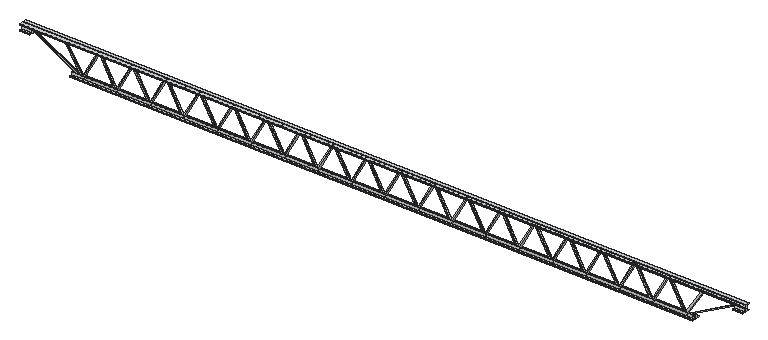
Revit family "M_Caibro de barra série K-Teia angular", category Quadro estrutural, Revit 2019
Family settings
  Arredondamento do comprimento do framing estrutural = 1 mm
  Forma do corte = Não definido
  Material para o comportamento do modelo = Aço
  Exportar sempre como geometria = Sim
  Número OmniClass = 23.25.30.21.14.11
  Título OmniClass = Metal Joists
  ID de item do Seek = K-Series Bar Joist-Angle Web-0000-CAN-ENU
  Sempre na vertical = Sim
  Corte com vazios quando carregada = Não
  Representação simbólica = Da família
  Compartilhado = Não
  Exibir o pré-corte da família na vista da planta = Sim
Parameters (values of type "12K1")
  Material estrutural = none
  Deslocamento inicial [instance] = 0 mm
  M = 7.4
  Espessura da teia = 9.5 mm
  Comprimento do assento = 100 mm
  Profundidade do assento = 63.5 mm
  LarguraPainel [instance] = Linear * 1.155  # 352.275 mm
  NumMatrizPainel [instance] = ComprimentoMatrizPainel / LarguraPainel  # 18
  ComprimentoMatrizPainel [instance] = Length - (2 * Painel final)  # 6180 mm
  Painel [instance] = ComprimentoMatrizPainel / NumMatrizPainel  # 343.333 mm
  Extensão inicial [instance] = 0 mm
  Painel final = 2 * Linear  # 610 mm
  Deslocamento final [instance] = 0 mm
  Extensão final [instance] = 0 mm
  Perna da corda = 32 mm
  Espessura da corda = 6.5 mm
  Assembly Code = ""
  Length [instance] = 7400 mm
  Linear = 305 mm
Types (3, lengths in mm): name | M | LarguraPainel | NumMatrizPainel | ComprimentoMatrizPainel | Painel | Painel final | Linear
  (no name) | 7.4 | 352.275 | 18 | 6180 | 343.333 | 610 | 305
  12K1 | 7.4 | 352.275 | 18 | 6180 | 343.333 | 610 | 305
  8K1 | 7.6 | 234.465 | 28 | 6588 | 235.286 | 406 | 203
Reference planes
  plane 1 "Centro (Frente/Trás)": y = 0
  plane 2: z = 0
  plane 3 "Centro (Esquerda/Direita)": x = 4.61
  plane 4 "Membro esquerdo": x = -2027.39
  plane 5 "Membro direito": x = 2036.61
  plane 6: y = 36.75
  plane 7: y = -36.75
  plane 8: z = 152.5
  plane 9: z = -152.5
  plane 10 "Esquerda": x = -3695.39
  plane 11 "Símbolo esquerdo de verga": x = -4537.39
  plane 12 "Símbolo direito de verga": x = 4551.365
  plane 13 "Direita": x = 3704.61
  plane 14: z = 89
  plane 15: x = -3695.39
  plane 16: x = -3595.39
  plane 17: x = -3085.39
  plane 18: x = -3185.39
  plane 19: x = 3704.61
  plane 20: x = 3604.61
  plane 21: x = 3094.61
  plane 22: y = 4.75
  plane 23: y = -4.75
  plane 24: z = 120.5
  plane 25: z = -120.5
  plane 26: x = 3194.61
  plane 27: x = -3257.057
  plane 28: x = -2913.723
  plane 29: x = 2922.943
  plane 30: x = 3266.277
  plane 31: z = -146.15
  plane 32: z = 146.15
  plane 33: z = 82.55
  plane 34: x = -3695.39
  plane 35: x = 3704.61
  plane 36 "Esquerda do símbolo": x = -4537.39
  plane 37: x = -4537.39
  plane 38: x = 4551.365
  plane 39 "Direita do símbolo": x = 4551.365
Forms (mm)
  Extrusion 1, solid, material <- "Material estrutural", detail levels medium+fine
    sketch origin (4.61, 0, 0) x (0, 1, 0) y (0, 0, 1)
      loop
        line (36.75, 152.5) -> (4.75, 152.5) -> (4.75, 120.5) -> (11.25, 120.5) -> (11.25, 146) -> (36.75, 146) -> (36.75, 152.5)
      loop
        line (-36.75, 152.5) -> (-36.75, 146) -> (-11.25, 146) -> (-11.25, 120.5) -> (-4.75, 120.5) -> (-4.75, 152.5) -> (-36.75, 152.5)
    from -3700 to 3700
  Extrusion 2, solid, material <- "Material estrutural", detail levels medium+fine
    sketch origin (4.61, 0, 0) x (0, 1, 0) y (0, 0, 1)
      loop
        line (4.75, -120.5) -> (4.75, -152.5) -> (36.75, -152.5) -> (36.75, -146) -> (11.25, -146) -> (11.25, -120.5) -> (4.75, -120.5)
      loop
        line (-4.75, -120.5) -> (-11.25, -120.5) -> (-11.25, -146) -> (-36.75, -146) -> (-36.75, -152.5) -> (-4.75, -152.5) -> (-4.75, -120.5)
    from -3190 to 3190
  Extrusion 3, solid, material <- "Material estrutural", detail levels medium+fine
    sketch origin (4.61, 0, 0) x (0, 1, 0) y (0, 0, 1)
      loop
        line (36.75, 89) -> (36.75, 95.5) -> (11.25, 95.5) -> (11.25, 120.5) -> (4.75, 120.5) -> (4.75, 89) -> (36.75, 89)
      loop
        line (-36.75, 89) -> (-4.75, 89) -> (-4.75, 120.5) -> (-11.25, 120.5) -> (-11.25, 95.5) -> (-36.75, 95.5) -> (-36.75, 89)
    from 3600 to 3700
  Extrusion 4, solid, material <- "Material estrutural", detail levels medium+fine
    sketch origin (4.61, 0, 0) x (0, 1, 0) y (0, 0, 1)
      loop
        line (-36.75, 89) -> (-4.75, 89) -> (-4.75, 120.5) -> (-11.25, 120.5) -> (-11.25, 95.5) -> (-36.75, 95.5) -> (-36.75, 89)
      loop
        line (4.75, 89) -> (36.75, 89) -> (36.75, 95.5) -> (11.25, 95.5) -> (11.25, 120.5) -> (4.75, 120.5) -> (4.75, 89)
    from -3700 to -3600
  Sweep 5, solid, material <- "Material estrutural", detail levels fine
    path origin (0, 0, 0) x (1, 0, 0) y (0, 0, 1)
      loop
        line (-3277.014, 133.45) -> (-3264.314, 133.45) -> (-3085.39, -146.15)
    profile origin (-3270.664, 0, 133.45) x (0, 0, 1) y (0, -1, 0)
      loop
        line (10.007, -4.763) -> (10.007, 0) -> (-9.043, 0) -> (-9.043, -4.763) -> (10.007, -4.763)
  Sweep 6, solid, material <- "Material estrutural", detail levels fine
    path origin (0, 0, 0) x (1, 0, 0) y (0, 0, 1)
      loop
        line (-3085.39, -146.15) -> (-3595.39, 120.5) -> (-3695.39, 120.5)
    profile "Teia-Perfil1 : Teia-Perfil1" origin (-3645.39, 0, 120.5) x (0, 0, -1) y (0, -1, 0)
      loop
        line (-4.75, 4.75) -> (-4.75, -4.75) -> (4.75, -4.75) -> (4.75, 4.75) -> (-4.75, 4.75)
  Sweep 7, solid, material <- "Material estrutural", detail levels fine
    path origin (0, 0, 0) x (1, 0, 0) y (0, 0, 1)
      loop
        line (3604.61, 120.5) -> (3094.61, -146.15)
    profile "Teia-Perfil1 : Teia-Perfil1" origin (3349.61, 0, -12.825) x (0.463335, 0, -0.886183) y (0, -1, 0)
      loop
        line (-4.75, 4.75) -> (-4.75, -4.75) -> (4.75, -4.75) -> (4.75, 4.75) -> (-4.75, 4.75)
  Sweep 8, solid, material <- "Material estrutural", detail levels fine
    path origin (0, 0, 0) x (1, 0, 0) y (0, 0, 1)
      loop
        line (3266.277, 120.5) -> (3094.61, -146.15)
    profile origin (3180.443, 0, -12.825) x (0.840821, 0, -0.541313) y (0, -1, 0)
      loop
        line (-10.565, 0) -> (-10.565, -4.763) -> (8.485, -4.763) -> (8.485, 0) -> (-10.565, 0)
Lines and regions (mm)
  symbolic lines, style "StructuralFraming", detail levels coarse
    curve 1: line (0, 36.75, 152.5) -> (0, 4.75, 152.5)
    curve 2: line (0, -36.75, -152.5) -> (0, -4.75, -152.5)
    curve 14: line (0, 4.75, -152.5) -> (0, 36.75, -152.5)
    curve 15: line (4.61, 4.75, -152.5) -> (4.61, 4.75, -120.5)
    curve 16: line (4.61, -4.75, -152.5) -> (4.61, -4.75, -120.5)
    curve 17: line (4.61, -4.75, 152.5) -> (4.61, -4.75, 120.5)
    curve 18: line (4.61, 4.75, 152.5) -> (4.61, 4.75, 120.5)
    curve 19: line (0, -4.75, 152.5) -> (0, -36.75, 152.5)
  symbolic lines, style "StructuralFraming", detail levels coarse+medium
    curve 3: line (0, 0, -152.5) -> (0, 0, 152.5)
  reference lines
    curve 4: line (-4437.39, 0, -276.008) -> (-4437.39, 0, 232.192)
    curve 5: line (-3827.39, 0, -282.358) -> (-3827.39, 0, 232.192)
    curve 7: line (4451.365, 0, -223.088) -> (4451.365, 0, 234.312)
    curve 8: line (3841.365, 0, -350.088) -> (3841.365, 0, 234.312)
  model lines, style "Caibro da teia", detail levels coarse
    curve 6: line (-4437.39, 0, 152.5) -> (-3827.39, 0, -152.5)
    curve 9: line (4451.365, 0, 152.5) -> (3841.365, 0, -152.5)
    curve 10: line (3841.365, 0, -152.5) -> (-3827.39, 0, -152.5)
    curve 11: line (4551.365, 0, 152.5) -> (-4537.39, 0, 152.5)
  model lines, style "StructuralFraming", detail levels medium
    curve 12: line (-3085.39, 0, -146.15) -> (-3256.027, 0, 120.5)
    curve 13: line (3266.277, 0, 120.5) -> (3094.61, 0, -146.15)
  symbolic lines, detail levels fine
    curve 20: line (4.61, 4.75, 146.15) -> (4.61, -4.75, 146.15)
    curve 21: line (4.61, 4.75, -146.15) -> (4.61, -4.75, -146.15)
    curve 22: line (4.61, 4.75, -120.5) -> (4.61, 4.75, 120.5)
    curve 23: line (4.61, -4.75, -120.5) -> (4.61, -4.75, 120.5)
  model lines, detail levels medium
    curve 24: line (3604.61, 0, 120.5) -> (3094.61, 0, -146.15)
    curve 25: line (-3595.39, 0, 120.5) -> (-3085.39, 0, -146.15)
Dimensions and locks
  equal spacing: plane 9, plane 2, plane 8
  "Length": plane 10 "Esquerda" to plane 13 "Direita"
  equal spacing: plane 10 "Esquerda", plane 3 "Centro (Esquerda/Direita)", plane 13 "Direita"
  "Painel final": curve 5 to curve 4
  "Painel final": curve 7 to curve 8
  "Linear": plane 9 to plane 8
  "Profundidade do assento": plane 8 to plane 14
  locked: plane 18 to plane 17 at 100
  "Painel final": plane 10 "Esquerda" to plane 17
  "Painel final": plane 13 "Direita" to plane 21
  "Espessura da teia": plane 22 to plane 23
  equal spacing: plane 22, plane 1 "Centro (Frente/Trás)", plane 23
  "Perna da corda": plane 23 to plane 7
  "Perna da corda": plane 6 to plane 22
  "Perna da corda": plane 9 to plane 25
  "Perna da corda": plane 24 to plane 8
  "Espessura da corda": plane 8 to Extrusion 1 sketch curve
  "Espessura da corda": Extrusion 1 sketch curve to plane 8
  "Espessura da corda": plane 23 to Extrusion 1 sketch curve
  "Espessura da corda": Extrusion 1 sketch curve to plane 22
  "Espessura da corda": plane 9 to Extrusion 2 sketch curve  (x2)
  "Espessura da corda": Extrusion 2 sketch curve to plane 22
  "Espessura da corda": plane 23 to Extrusion 2 sketch curve
  locked: plane 21 to plane 26 at 100
  "Espessura da corda": plane 14 to Extrusion 3 sketch curve  (x2)
  "Espessura da corda": plane 23 to Extrusion 3 sketch curve
  "Espessura da corda": Extrusion 3 sketch curve to plane 22
  "Espessura da corda": plane 14 to Extrusion 4 sketch curve  (x2)
  "Espessura da corda": Extrusion 4 sketch curve to plane 22
  "Espessura da corda": plane 23 to Extrusion 4 sketch curve
  "Painel": plane 28 to plane 27
  equal spacing: plane 28, plane 17, plane 27
  "Painel": plane 29 to plane 30
  equal spacing: plane 29, plane 21, plane 30
  equal spacing: Sweep 5 sketch curve, curve 4, Sweep 5 sketch curve
  Sweep 5 sketch curve to Sweep 5 sketch curve = 4.763 mm
  locked: plane 31 to plane 9 at 6.35
  locked: plane 8 to plane 32 at 6.35
  locked: plane 8 to Sweep 5 sketch curve at 19.05
  equal spacing: group 1, group 3, group 4, group 5, group 6, group 7, group 8, group 9, group 10, group 11, group 12, group 13, group 14, group 15, group 16, group 17, group 18, group 2  (x3)
  "Comprimento do assento": plane 34 to plane 16
  "Deslocamento inicial": plane 10 "Esquerda" to plane 34
  "Extensão inicial": plane 15 to plane 34
  "Deslocamento final": plane 35 to plane 13 "Direita"
  "Comprimento do assento": plane 35 to plane 20
  "Extensão final": plane 35 to plane 19
  "Comprimento do assento": curve 4 to plane 37
  "Deslocamento inicial": plane 37 to plane 11 "Símbolo esquerdo de verga"
  "Extensão inicial": plane 37 to plane 36 "Esquerda do símbolo"
  "Comprimento do assento": plane 38 to curve 7
  "Extensão final": plane 39 "Direita do símbolo" to plane 38
  "Deslocamento final": plane 12 "Símbolo direito de verga" to plane 38
  aligned and locked: curve 10 to plane 9
  aligned and locked: curve 4 to curve 6
  aligned and locked: curve 8 to curve 10
  aligned and locked: plane 8 to Extrusion 1 sketch curve
  aligned and locked: Extrusion 1 sketch curve to plane 8
  aligned and locked: plane 6 to Extrusion 1 sketch curve
  aligned and locked: plane 7 to Extrusion 1 sketch curve
  aligned and locked: Extrusion 1 sketch curve to plane 24
  aligned and locked: plane 24 to Extrusion 1 sketch curve
  aligned and locked: plane 19 to Extrusion 1
  aligned and locked: plane 15 to Extrusion 1
  aligned and locked: plane 9 to Extrusion 2 sketch curve
  aligned and locked: Extrusion 2 sketch curve to plane 9
  aligned and locked: plane 6 to Extrusion 2 sketch curve
  aligned and locked: plane 7 to Extrusion 2 sketch curve
  aligned and locked: Extrusion 2 sketch curve to plane 22
  aligned and locked: Extrusion 2 sketch curve to plane 23
  aligned and locked: Extrusion 2 sketch curve to plane 25
  aligned and locked: plane 25 to Extrusion 2 sketch curve
  aligned and locked: Extrusion 2 to plane 26
  aligned and locked: plane 18 to Extrusion 2
  aligned and locked: Extrusion 3 sketch curve to plane 7
  aligned and locked: plane 14 to Extrusion 3 sketch curve
  aligned and locked: Extrusion 3 sketch curve to plane 14
  aligned and locked: Extrusion 3 sketch curve to plane 6
  aligned and locked: Extrusion 3 sketch curve to plane 23
  aligned and locked: Extrusion 3 sketch curve to plane 22
  aligned and locked: Extrusion 3 sketch curve to plane 24
  aligned and locked: plane 24 to Extrusion 3 sketch curve
  aligned and locked: plane 19 to Extrusion 3
  aligned and locked: Extrusion 3 to plane 20
  aligned and locked: plane 6 to Extrusion 4 sketch curve
  aligned and locked: Extrusion 4 sketch curve to plane 7
  aligned and locked: Extrusion 4 sketch curve to plane 22
  aligned and locked: plane 23 to Extrusion 4 sketch curve
  aligned and locked: plane 24 to Extrusion 4 sketch curve  (x2)
  aligned and locked: Extrusion 4 sketch curve to plane 14  (x2)
  aligned and locked: plane 15 to Extrusion 4
  aligned and locked: plane 16 to Extrusion 4
  aligned and locked: curve 12 to Sweep 5 sketch curve
  aligned and locked: Extrusion 2 to curve 15
  aligned and locked: curve 15 to Extrusion 2
  aligned and locked: curve 2 to curve 16
  aligned and locked: curve 16 to Extrusion 2
  aligned and locked: Extrusion 1 to curve 17
  aligned and locked: curve 17 to Extrusion 1
  aligned and locked: curve 18 to Extrusion 1  (x2)
  aligned and locked: curve 1 to Extrusion 1
  aligned and locked: nested 1 to plane 17
  aligned and locked: plane 1 "Centro (Frente/Trás)" to nested 1
  aligned and locked: nested 2 to plane 21
  aligned and locked: curve 13 to Sweep 8 sketch curve
  aligned and locked: curve 5 to curve 6
  aligned and locked: curve 7 to curve 9
  aligned and locked: plane 20 to curve 24
  aligned and locked: plane 24 to curve 24
  aligned and locked: plane 21 to curve 24
  aligned and locked: plane 31 to curve 24
  aligned and locked: Sweep 7 sketch curve to curve 24
  aligned and locked: plane 30 to curve 13
  aligned and locked: plane 16 to curve 25
  aligned and locked: plane 24 to curve 25
  aligned and locked: plane 17 to curve 25
  aligned and locked: plane 31 to curve 25
  aligned and locked: Sweep 6 sketch curve to curve 25
  aligned and locked: Sweep 6 sketch curve to plane 24
  aligned and locked: plane 36 "Esquerda do símbolo" to curve 11
  aligned and locked: plane 39 "Direita do símbolo" to curve 11
Automatic sketch dimensions
  plane 9 to curve 7 = 70.588 mm
  plane 9 to curve 4 = 123.508 mm
  plane 9 to curve 5 = 129.858 mm
  plane 9 to curve 8 = 197.588 mm
  curve 4 to plane 8 = 79.692 mm
  curve 5 to plane 8 = 79.692 mm
  curve 7 to plane 8 = 81.812 mm
  curve 8 to plane 8 = 81.812 mm
  Extrusion 1 sketch curve to plane 23 = 0 mm
  Extrusion 1 sketch curve to plane 22 = 0 mm
  Sweep 5 sketch curve to plane 17 = 0 mm
  Sweep 5 sketch curve to plane 31 = 0 mm
  Sweep 5 sketch curve to plane 27 = 7.257 mm
  Sweep 5 sketch curve to Sweep 5 sketch curve = 12.7 mm
  curve 14 to plane 6 = 0 mm
  curve 1 to plane 6 = 0 mm
  curve 14 to plane 9 = 0 mm
  curve 14 to plane 22 = 0 mm
  curve 1 to plane 22 = 0 mm
  curve 19 to plane 8 = 0 mm
  curve 19 to plane 23 = 0 mm
  curve 19 to plane 7 = 0 mm
  Sweep 5 sketch curve to plane 1 "Centro (Frente/Trás)" = 0 mm
  profile plane to Sweep 5 sketch curve = 9.043 mm
  Sweep 5 sketch curve to profile plane = 10.007 mm
  Sweep 8 sketch curve to plane 21 = 0 mm
  Sweep 8 sketch curve to plane 24 = 0 mm
  Sweep 8 sketch curve to plane 1 "Centro (Frente/Trás)" = 0 mm
  Sweep 8 sketch curve to plane 1 "Centro (Frente/Trás)" = 4.762 mm
  profile plane to Sweep 8 sketch curve = 10.565 mm
  Sweep 8 sketch curve to profile plane = 8.485 mm
  curve 2 to plane 7 = 0 mm
  curve 2 to plane 9 = 0 mm
  curve 2 to plane 23 = 0 mm
  curve 3 to plane 1 "Centro (Frente/Trás)" = 0 mm
  curve 3 to plane 9 = 0 mm
  curve 21 to plane 31 = 0 mm
  curve 23 to plane 25 = 0 mm
  curve 22 to plane 25 = 0 mm
  curve 18 to plane 24 = 0 mm
  curve 23 to plane 24 = 0 mm
  curve 20 to plane 32 = 0 mm
  curve 3 to plane 8 = 0 mm
  Sweep 7 sketch curve to plane 21 = 0 mm
  Sweep 7 sketch curve to plane 20 = 0 mm
  Sweep 6 sketch curve to plane 34 = 0 mm
  Sweep 6 sketch curve to plane 17 = 0 mm
  curve 12 to plane 24 = 0 mm
  curve 13 to plane 24 = 0 mm
  curve 9 to plane 8 = 0 mm
Nested families
  nested 1: "Teia angular" at (-3085.39, 0, 0), type "Teia angular"
  nested 2: "Teia angular" at (2751.277, 0, 0), type "Teia angular"
  nested 3: "Teia angular" at (-2742.057, 0, 0), type "Teia angular"
  nested 4: "Teia angular" at (-2398.723, 0, 0), type "Teia angular"
  nested 5: "Teia angular" at (-2055.39, 0, 0), type "Teia angular"
  nested 6: "Teia angular" at (-1712.057, 0, 0), type "Teia angular"
  nested 7: "Teia angular" at (-1368.723, 0, 0), type "Teia angular"
  nested 8: "Teia angular" at (-1025.39, 0, 0), type "Teia angular"
  nested 9: "Teia angular" at (-682.057, 0, 0), type "Teia angular"
  nested 10: "Teia angular" at (-338.723, 0, 0), type "Teia angular"
  nested 11: "Teia angular" at (4.61, 0, 0), type "Teia angular"
  nested 12: "Teia angular" at (347.943, 0, 0), type "Teia angular"
  nested 13: "Teia angular" at (691.277, 0, 0), type "Teia angular"
  nested 14: "Teia angular" at (1034.61, 0, 0), type "Teia angular"
  nested 15: "Teia angular" at (1377.943, 0, 0), type "Teia angular"
  nested 16: "Teia angular" at (1721.277, 0, 0), type "Teia angular"
  nested 17: "Teia angular" at (2064.61, 0, 0), type "Teia angular"
  nested 18: "Teia angular" at (2407.943, 0, 0), type "Teia angular"
Definition of nested family "Teia angular"
  Parameters
    MaterialTeia = none
    Espessura da teia = 9.5 mm
    AlturaPainel = 305 mm
    LarguraPainel = 343.333 mm
    Assembly Code = ""
  Reference planes
    plane 1 "Centro (Frente/Trás)": y = 0
    plane 2: z = 0
    plane 3 "Centro (Esquerda/Direita)": x = 0
    plane 4: x = 343.333
    plane 5: x = 171.667
    plane 6: z = -152.5
    plane 7: z = -139.8
    plane 8: z = 139.8
    plane 9: z = 152.5
    plane 10: y = -4.75
    plane 11: y = 4.75
    plane 12: z = 114.4
    plane 13: z = -114.4
  Forms (mm)
    Sweep 1, solid, material <- "MaterialTeia", detail levels fine
      path in 3D
        loop
          line (0, 0, -139.8) -> (6.35, 0, -139.8) -> (165.317, 0, 139.8) -> (178.017, 0, 139.8)
      profile origin (3.175, 0, -139.8) x (0, 0, 1) y (0, -1, 0)
        loop
          line (9.525, 4.75) -> (-9.525, 4.75) -> (-9.525, 0) -> (9.525, 0) -> (9.525, 4.75)
    Sweep 2, solid, material <- "MaterialTeia", detail levels fine
      path origin (0, 0, 0) x (1, 0, 0) y (0, 0, 1)
        loop
          line (31.748, -114.4) -> (161.832, 114.4)
      profile origin (96.79, 0, 0) x (-0.869319, 0, 0.494252) y (0, -1, 0)
        loop
          line (0, 4.763) -> (4.762, 4.763) -> (4.763, 17.463) -> (0, 17.463) -> (0, 4.763)
    Sweep 3, solid, material <- "MaterialTeia", detail levels fine
      path in 3D
        loop
          line (343.333, 0, -139.8) -> (336.983, 0, -139.8) -> (178.017, 0, 139.8) -> (165.317, 0, 139.8)
      profile origin (340.158, 0, -139.8) x (0, 0, -1) y (0, -1, 0)
        loop
          line (9.525, -4.75) -> (9.525, 0) -> (-9.525, 0) -> (-9.525, -4.75) -> (9.525, -4.75)
    Sweep 4, solid, material <- "MaterialTeia", detail levels fine
      path origin (0, 0, 0) x (1, 0, 0) y (0, 0, 1)
        loop
          line (311.585, -114.4) -> (181.501, 114.4)
      profile origin (246.543, 0, 0) x (-0.869319, 0, -0.494252) y (0, -1, 0)
        loop
          line (-4.762, -17.45) -> (0, -17.45) -> (0, -4.75) -> (-4.762, -4.75) -> (-4.762, -17.45)
  Cuts and joins
    joined: Sweep 1, Sweep 2
  Lines and regions (mm)
    model lines, detail levels medium+fine
      curve 1: line (0, 0, -152.5) -> (0, 0, 152.5)
      curve 2: line (0, 0, 152.5) -> (343.333, 0, 152.5)
      curve 3: line (343.333, 0, 152.5) -> (343.333, 0, -152.5)
      curve 4: line (343.333, 0, -152.5) -> (0, 0, -152.5)
    model lines, detail levels medium
      curve 5: line (165.317, 0, 139.8) -> (178.017, 0, 139.8)
      curve 6: line (0, 0, -139.8) -> (6.35, 0, -139.8)
      curve 7: line (343.333, 0, -139.8) -> (336.983, 0, -139.8)
      curve 8: line (6.35, 0, -139.8) -> (165.317, 0, 139.8)
      curve 9: line (178.017, 0, 139.8) -> (336.983, 0, -139.8)
    sketch lines
      curve 10: line (0, 0, -139.8) -> (6.35, 0, -139.8)
      curve 11: line (6.35, 0, -139.8) -> (165.317, 0, 139.8)
      curve 12: line (165.317, 0, 139.8) -> (178.017, 0, 139.8)
      curve 13: line (343.333, 0, -139.8) -> (336.983, 0, -139.8)
      curve 14: line (178.017, 0, 139.8) -> (336.983, 0, -139.8)
      curve 15: line (165.317, 0, 139.8) -> (178.017, 0, 139.8)
  Dimensions and locks
    "LarguraPainel": plane 4 to plane 3 "Centro (Esquerda/Direita)"
    equal spacing: plane 4, plane 5, plane 3 "Centro (Esquerda/Direita)"
    plane 7 to plane 6 = 12.7 mm
    plane 9 to plane 8 = 12.7 mm
    "AlturaPainel": plane 9 to plane 6
    equal spacing: plane 9, plane 2, plane 6
    "Espessura da teia": plane 11 to plane 10
    equal spacing: plane 11, plane 1 "Centro (Frente/Trás)", plane 10
    locked: plane 9 to plane 12 at 38.1
    locked: plane 13 to plane 6 at 38.1
    locked: plane 7 to plane 6 at 12.7
    locked: curve 8 to plane 3 "Centro (Esquerda/Direita)" at 6.35
    locked: curve 9 to plane 4 at 6.35
    curve 8 to plane 5 to curve 9 = 6.35 mm locked, 6.35 mm locked
    locked: plane 7 to Sweep 1 sketch curve at 9.525
    locked: Sweep 1 sketch curve to plane 7 at 9.525
    locked: Sweep 3 sketch curve to profile plane at 9.525
    locked: profile plane to Sweep 3 sketch curve at 9.525
    aligned and locked: plane 8 to curve 5
    aligned and locked: curve 7 to plane 7
    aligned and locked: plane 7 to curve 6
    aligned and locked: plane 9 to curve 2
    aligned and locked: plane 10 to Sweep 1 sketch curve
    aligned and locked: plane 13 to Sweep 2 sketch curve
    aligned and locked: Sweep 1 to Sweep 2 sketch curve
    aligned and locked: Sweep 2 sketch curve to profile plane
    aligned and locked: plane 1 "Centro (Frente/Trás)" to Sweep 3 sketch curve
    aligned and locked: plane 11 to Sweep 3 sketch curve
    aligned and locked: plane 13 to Sweep 4 sketch curve
    aligned and locked: Sweep 4 sketch curve to Sweep 3
    aligned and locked: plane 11 to Sweep 4 sketch curve
    aligned and locked: profile plane to Sweep 4 sketch curve
  Automatic sketch dimensions
    curve 1 to plane 3 "Centro (Esquerda/Direita)" = 0 mm
    curve 3 to plane 4 = 0 mm
    curve 4 to plane 6 = 0 mm
    Sweep 1 sketch curve to profile plane = 0 mm
    Sweep 2 sketch curve to plane 12 = 0 mm
    Sweep 2 sketch curve to Sweep 2 sketch curve = 4.762 mm
    plane 1 "Centro (Frente/Trás)" to Sweep 2 sketch curve = 4.763 mm
    Sweep 2 sketch curve to Sweep 2 sketch curve = 12.7 mm
    Sweep 4 sketch curve to plane 12 = 0 mm
    Sweep 4 sketch curve to Sweep 4 sketch curve = 4.762 mm
    Sweep 4 sketch curve to Sweep 4 sketch curve = 12.7 mm
Types in the file's own list only (62): name | M | Espessura da teia | Profundidade do assento | Painel final | Espessura da corda | Linear
  10K1 | 7.4 | 10 mm | 64 mm | 508 mm | 7 mm | 254 mm
  12K3 | 8.5 | 10 mm | 64 mm | 610 mm | 7 mm | 305 mm
  12K5 | 10.6 | 10 mm | 64 mm | 610 mm | 7 mm | 305 mm
  14K1 | 7.7 | 10 mm | 64 mm | 712 mm | 7 mm | 356 mm
  14K3 | 8.9 | 10 mm | 64 mm | 712 mm | 7 mm | 356 mm
  14K4 | 10 | 10 mm | 64 mm | 712 mm | 7 mm | 356 mm
  14K6 | 11.5 | 10 mm | 64 mm | 712 mm | 7 mm | 356 mm
  16K2 | 8.2 | 10 mm | 64 mm | 812 mm | 7 mm | 406 mm
  16K3 | 9.4 | 10 mm | 64 mm | 812 mm | 7 mm | 406 mm
  16K4 | 10.4 | 10 mm | 64 mm | 812 mm | 7 mm | 406 mm
  16K5 | 11.2 | 10 mm | 64 mm | 812 mm | 7 mm | 406 mm
  16K6 | 12.1 | 10 mm | 64 mm | 812 mm | 7 mm | 406 mm
  16K7 | 12.8 | 10 mm | 64 mm | 812 mm | 7 mm | 406 mm
  16K9 | 14.9 | 10 mm | 64 mm | 812 mm | 7 mm | 406 mm
  18K3 | 9.8 | 10 mm | 64 mm | 914 mm | 7 mm | 457 mm
  18K4 | 10.7 | 10 mm | 64 mm | 914 mm | 7 mm | 457 mm
  18K5 | 11.5 | 10 mm | 64 mm | 914 mm | 7 mm | 457 mm
  18K6 | 12.6 | 10 mm | 64 mm | 914 mm | 7 mm | 457 mm
  18K7 | 13.4 | 10 mm | 64 mm | 914 mm | 7 mm | 457 mm
  18K9 | 15.2 | 10 mm | 64 mm | 914 mm | 7 mm | 457 mm
  18K10 | 17.4 | 10 mm | 64 mm | 914 mm | 7 mm | 457 mm
  20K3 | 10 | 10 mm | 64 mm | 1016 mm | 7 mm | 508 mm
  20K4 | 11.3 | 10 mm | 64 mm | 1016 mm | 7 mm | 508 mm
  20K5 | 12.2 | 10 mm | 64 mm | 1016 mm | 7 mm | 508 mm
  20K6 | 13.2 | 10 mm | 64 mm | 1016 mm | 7 mm | 508 mm
  20K7 | 13.8 | 10 mm | 64 mm | 1016 mm | 7 mm | 508 mm
  20K9 | 16.1 | 10 mm | 64 mm | 1016 mm | 7 mm | 508 mm
  20K10 | 18.2 | 10 mm | 64 mm | 1016 mm | 7 mm | 508 mm
  22K4 | 11.9 | 10 mm | 64 mm | 1118 mm | 7 mm | 559 mm
  22K5 | 13.1 | 10 mm | 64 mm | 1118 mm | 7 mm | 559 mm
  22K6 | 13.7 | 10 mm | 64 mm | 1118 mm | 7 mm | 559 mm
  22K7 | 14.4 | 10 mm | 64 mm | 1118 mm | 7 mm | 559 mm
  22K9 | 16.8 | 10 mm | 64 mm | 1118 mm | 7 mm | 559 mm
  22K10 | 18.8 | 10 mm | 64 mm | 1118 mm | 7 mm | 559 mm
  22K11 | 20.5 | 10 mm | 64 mm | 1118 mm | 7 mm | 559 mm
  24K4 | 12.5 | 10 mm | 64 mm | 1220 mm | 7 mm | 610 mm
  24K5 | 13.8 | 10 mm | 64 mm | 1220 mm | 7 mm | 610 mm
  24K6 | 14.4 | 10 mm | 64 mm | 1220 mm | 7 mm | 610 mm
  24K7 | 15 | 10 mm | 64 mm | 1220 mm | 7 mm | 610 mm
  24K8 | 17.1 | 10 mm | 64 mm | 1220 mm | 7 mm | 610 mm
  24K9 | 17.9 | 10 mm | 64 mm | 1220 mm | 7 mm | 610 mm
  24K10 | 19.5 | 10 mm | 64 mm | 1220 mm | 7 mm | 610 mm
  24K12 | 23.8 | 10 mm | 64 mm | 1220 mm | 7 mm | 610 mm
  26K5 | 14.6 | 10 mm | 64 mm | 1320 mm | 7 mm | 660 mm
  26K6 | 15.8 | 10 mm | 64 mm | 1320 mm | 7 mm | 660 mm
  26K7 | 16.2 | 10 mm | 64 mm | 1320 mm | 7 mm | 660 mm
  26K8 | 18 | 10 mm | 64 mm | 1320 mm | 7 mm | 660 mm
  26K9 | 18.2 | 10 mm | 64 mm | 1320 mm | 7 mm | 660 mm
  26K10 | 20.5 | 10 mm | 64 mm | 1320 mm | 7 mm | 660 mm
  26K12 | 24.7 | 10 mm | 64 mm | 1320 mm | 7 mm | 660 mm
  28K6 | 17 | 10 mm | 64 mm | 1422 mm | 7 mm | 711 mm
  28K7 | 17.6 | 10 mm | 64 mm | 1422 mm | 7 mm | 711 mm
  28K8 | 18.9 | 10 mm | 64 mm | 1422 mm | 7 mm | 711 mm
  28K9 | 19.3 | 10 mm | 64 mm | 1422 mm | 7 mm | 711 mm
  28K10 | 21.3 | 10 mm | 64 mm | 1422 mm | 7 mm | 711 mm
  28K12 | 25.5 | 10 mm | 64 mm | 1422 mm | 7 mm | 711 mm
  30K7 | 18.3 | 10 mm | 64 mm | 1524 mm | 7 mm | 762 mm
  30K8 | 19.6 | 10 mm | 64 mm | 1524 mm | 7 mm | 762 mm
  30K9 | 19.9 | 10 mm | 64 mm | 1524 mm | 7 mm | 762 mm
  30K10 | 22.3 | 10 mm | 64 mm | 1524 mm | 7 mm | 762 mm
  30K11 | 24.4 | 10 mm | 64 mm | 1524 mm | 7 mm | 762 mm
  30K12 | 26.2 | 10 mm | 64 mm | 1524 mm | 7 mm | 762 mm
